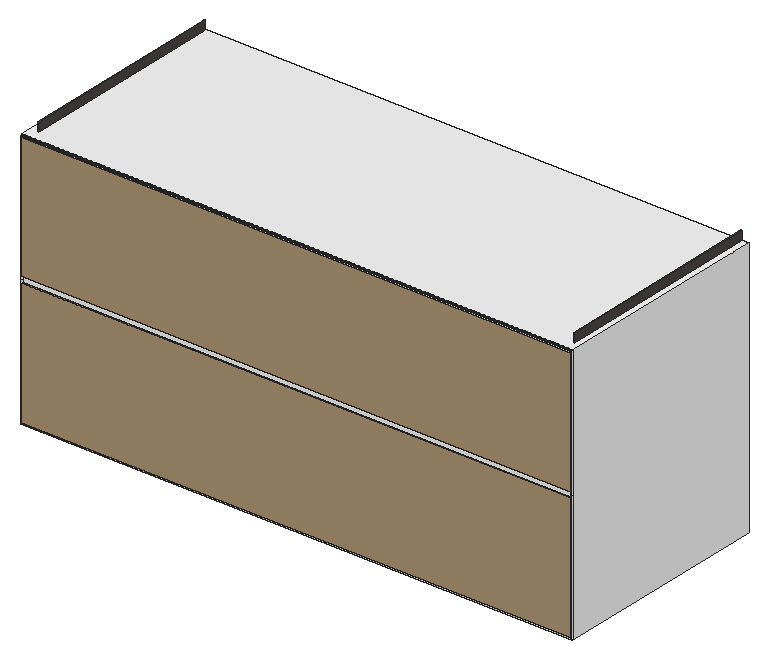
Revit family "vanity unit-hansgrohe-54184XXX-Xevolos E Vanity unit Matt White 1180_475 with 2 drawers for washbasin", category Furniture, Revit 2019
Family settings
  OmniClass Number = 23.40.00.00
  OmniClass Title = Equipment and Furnishings
  Work Plane-Based = No
  Always vertical = Yes
  Cut with Voids When Loaded = No
  Shared = Yes
  Room Calculation Point = No
Parameters (values of type "54184390-MATT_WHITE-PATTEREND_BRONZE-200")
  etim7_EC011381 = "EC011381"
  WEIGHT = "44.3"
  UNSPSC = "56 | Furniture and Furnishings"
  UNIFORMATII = "E2010 | Fixed Furnishings"
  UNICLASS_2015_CODE = "40_30_78_05"
  UNICLASS2015 = "Pr_40_30_78_05 | Bathroom furniture"
  SURFACE = "PATTEREND_BRONZE"
  REGION = "Worldwide"
  PRODUCTURL = "https://pro.hansgrohe.com/articledetail--54184320"
  PERMALINK = "54184XXX"
  OMNICLASS = "23-21 19 15 33 13 | Residential Bathroom Specialty Casework"
  OBJECTTYPE = "Object (single object)"
  OBERFLAECHE = "MATT_WHITE"
  NN = "Vanity unit with 2 drawers for handrinse basin"
  NBSYN = "$ARTNR.-$OBERFLAECHE.-$SURFACE.-$LODLEVEL."
  NB = "54184390-MATT_WHITE-PATTEREND_BRONZE-200"
  NAME = "Xevolos E Vanity unit Matt White 1180/475 with 2 drawers for washbasin"
  Model = "54184390-MATT_WHITE-PATTEREND_BRONZE-200"
  Manufacturer = "Hansgrohe"
  MIdent = "{$CADENAS_DATA/23d-libs/hansgrohe/xevolos_furniture/xevolos_vanity_unit_2_drawers_handrinse_basin/vanity_unit_2_drawers_for_handrinse_basin.prj},269 {VTYP=3D},{NB=54184390-MATT_WHITE-PATTEREND_BRONZE-200},{LINA=54184390-MATT_WHITE-PATTEREND_BRONZE-200},{NN=Vanity unit with 2 drawers for handrinse basin},{DATE=13.03.2023 12:26:32},{GEOMDATE=12.03.2023 06:54:00},{VERSION=},{LINEID=870},{WBVAR=LODLEVEL},{WBNUMERIC=}  {NB=54184390-MATT_WHITE-PATTEREND_BRONZE-200},{LINA=54184390-MATT_WHITE-PATTEREND_BRONZE-200},{KT=DUMMY},{IDNR=38},{ARTNR=54184390},{BASENUMBER=54184},{MODEL=54184XXX},{OBERFLAECHE=MATT_WHITE},{SURFACE=PATTEREND_BRONZE},{L=1180},{LODLEVEL=200},{LODLEVELX='400','400','200','200'},{NAME=Xevolos E Vanity unit Matt White 1180/475 with 2 drawers for washbasin},{PERMALINK=54184XXX},{OBJECTTYPE=Object (single object)},{BIMOBJECT=Sanitary: Compound units},{COLLECTIONSET=Xevolos E},{COLLECTION=vanity unit},{WEIGHT=44.3},{DESCRIPTION=Xevolos E Vanity unit Matt White 1180/475 with 2 drawers for washbasin},{PRODUCTURL=https://pro.hansgrohe.com/articledetail--54184320},{GTINCODE=0},{TENDERURL=0},{IFC=Furnishing element},{ETIM=EC011381 | Bathroom furniture set},{UNICLASS2015=Pr_40_30_78_05 | Bathroom furniture},{OMNICLASS=23-21 19 15 33 13 | Residential Bathroom Specialty Casework},{MASTERFORMAT=12 35 30.23 | Bathroom Casework},{UNSPSC=56 | Furniture and Furnishings},{UNIFORMATII=E2010 | Fixed Furnishings},{REGION=Worldwide},{DESIGN=Germany},{MANUFACTURER=Germany}"
  MASTERFORMAT = "12 35 30.23 | Bathroom Casework"
  LODLEVEL = "200"
  LINA = "54184390-MATT_WHITE-PATTEREND_BRONZE-200"
  L = 1180
  IFC = "Furnishing element"
  IDNR = 38
  ETIM = "EC011381 | Bathroom furniture set"
  DESIGN = "Germany"
  COLLECTIONSET = "Xevolos E"
  COLLECTION = "vanity unit"
  CATALOG = "Hansgrohe"
  BIMOBJECT = "Sanitary: Compound units"
  BASENUMBER = "54184"
  ARTNR = "54184390"
  54184730-MATT_WHITE-DARK_OAK-400_RX0RY0RZ0TX0TY0TZ0_V = no
  54184730-MATT_WHITE-DARK_OAK-200_RX0RY0RZ0TX0TY0TZ0_V = no
  54184390-MATT_WHITE-PATTEREND_BRONZE-400_RX0RY0RZ0TX0TY0TZ0_V = no
  54184390-MATT_WHITE-PATTEREND_BRONZE-200_RX0RY0RZ0TX0TY0TZ0_V = yes
  54184320-MATT_WHITE-METALLIC_WHITE-400_RX0RY0RZ0TX0TY0TZ0_V = no
  54184320-MATT_WHITE-METALLIC_WHITE-200_RX0RY0RZ0TX0TY0TZ0_V = no
Types (6, lengths in mm): name | SURFACE | NB | Model | MIdent | LODLEVEL | LINA | IDNR | ARTNR | 54184730-MATT_WHITE-DARK_OAK-400_RX0RY0RZ0TX0TY0TZ0_V | 54184730-MATT_WHITE-DARK_OAK-200_RX0RY0RZ0TX0TY0TZ0_V | 54184390-MATT_WHITE-PATTEREND_BRONZE-400_RX0RY0RZ0TX0TY0TZ0_V | 54184390-MATT_WHITE-PATTEREND_BRONZE-200_RX0RY0RZ0TX0TY0TZ0_V | 54184320-MATT_WHITE-METALLIC_WHITE-400_RX0RY0RZ0TX0TY0TZ0_V | 54184320-MATT_WHITE-METALLIC_WHITE-200_RX0RY0RZ0TX0TY0TZ0_V
  54184320-MATT_WHITE-METALLIC_WHITE-200 | "METALLIC_WHITE" | "54184320-MATT_WHITE-METALLIC_WHITE-200" | "54184320-MATT_WHITE-METALLIC_WHITE-200" | "{$CADENAS_DATA/23d-libs/hansgrohe/xevolos_furniture/xevolos_vanity_unit_2_drawers_handrinse_basin/vanity_unit_2_drawers_for_handrinse_basin.prj},265 {VTYP=3D},{NB=54184320-MATT_WHITE-METALLIC_WHITE-200},{LINA=54184320-MATT_WHITE-METALLIC_WHITE-200},{NN=Vanity unit with 2 drawers for handrinse basin},{DATE=13.03.2023 12:26:32},{GEOMDATE=12.03.2023 06:54:00},{VERSION=},{LINEID=860},{WBVAR=LODLEVEL},{WBNUMERIC=}  {NB=54184320-MATT_WHITE-METALLIC_WHITE-200},{LINA=54184320-MATT_WHITE-METALLIC_WHITE-200},{KT=DUMMY},{IDNR=37},{ARTNR=54184320},{BASENUMBER=54184},{MODEL=54184XXX},{OBERFLAECHE=MATT_WHITE},{SURFACE=METALLIC_WHITE},{L=1180},{LODLEVEL=200},{LODLEVELX='400','400','200','200'},{NAME=Xevolos E Vanity unit Matt White 1180/475 with 2 drawers for washbasin},{PERMALINK=54184XXX},{OBJECTTYPE=Object (single object)},{BIMOBJECT=Sanitary: Compound units},{COLLECTIONSET=Xevolos E},{COLLECTION=vanity unit},{WEIGHT=44.3},{DESCRIPTION=Xevolos E Vanity unit Matt White 1180/475 with 2 drawers for washbasin},{PRODUCTURL=https://pro.hansgrohe.com/articledetail--54184320},{GTINCODE=0},{TENDERURL=0},{IFC=Furnishing element},{ETIM=EC011381 | Bathroom furniture set},{UNICLASS2015=Pr_40_30_78_05 | Bathroom furniture},{OMNICLASS=23-21 19 15 33 13 | Residential Bathroom Specialty Casework},{MASTERFORMAT=12 35 30.23 | Bathroom Casework},{UNSPSC=56 | Furniture and Furnishings},{UNIFORMATII=E2010 | Fixed Furnishings},{REGION=Worldwide},{DESIGN=Germany},{MANUFACTURER=Germany}" | "200" | "54184320-MATT_WHITE-METALLIC_WHITE-200" | 37 | "54184320" | no | no | no | no | no | yes
  54184320-MATT_WHITE-METALLIC_WHITE-400 | "METALLIC_WHITE" | "54184320-MATT_WHITE-METALLIC_WHITE-400" | "54184320-MATT_WHITE-METALLIC_WHITE-400" | "{$CADENAS_DATA/23d-libs/hansgrohe/xevolos_furniture/xevolos_vanity_unit_2_drawers_handrinse_basin/vanity_unit_2_drawers_for_handrinse_basin.prj},265 {VTYP=3D},{NB=54184320-MATT_WHITE-METALLIC_WHITE-400},{LINA=54184320-MATT_WHITE-METALLIC_WHITE-400},{NN=Vanity unit with 2 drawers for handrinse basin},{DATE=13.03.2023 12:26:32},{GEOMDATE=12.03.2023 06:54:00},{VERSION=},{LINEID=860},{WBVAR=LODLEVEL},{WBNUMERIC=}  {NB=54184320-MATT_WHITE-METALLIC_WHITE-400},{LINA=54184320-MATT_WHITE-METALLIC_WHITE-400},{KT=DUMMY},{IDNR=37},{ARTNR=54184320},{BASENUMBER=54184},{MODEL=54184XXX},{OBERFLAECHE=MATT_WHITE},{SURFACE=METALLIC_WHITE},{L=1180},{LODLEVEL=400},{LODLEVELX='400','400','200','200'},{NAME=Xevolos E Vanity unit Matt White 1180/475 with 2 drawers for washbasin},{PERMALINK=54184XXX},{OBJECTTYPE=Object (single object)},{BIMOBJECT=Sanitary: Compound units},{COLLECTIONSET=Xevolos E},{COLLECTION=vanity unit},{WEIGHT=44.3},{DESCRIPTION=Xevolos E Vanity unit Matt White 1180/475 with 2 drawers for washbasin},{PRODUCTURL=https://pro.hansgrohe.com/articledetail--54184320},{GTINCODE=0},{TENDERURL=0},{IFC=Furnishing element},{ETIM=EC011381 | Bathroom furniture set},{UNICLASS2015=Pr_40_30_78_05 | Bathroom furniture},{OMNICLASS=23-21 19 15 33 13 | Residential Bathroom Specialty Casework},{MASTERFORMAT=12 35 30.23 | Bathroom Casework},{UNSPSC=56 | Furniture and Furnishings},{UNIFORMATII=E2010 | Fixed Furnishings},{REGION=Worldwide},{DESIGN=Germany},{MANUFACTURER=Germany}" | "400" | "54184320-MATT_WHITE-METALLIC_WHITE-400" | 37 | "54184320" | no | no | no | no | yes | no
  54184390-MATT_WHITE-PATTEREND_BRONZE-200 | "PATTEREND_BRONZE" | "54184390-MATT_WHITE-PATTEREND_BRONZE-200" | "54184390-MATT_WHITE-PATTEREND_BRONZE-200" | "{$CADENAS_DATA/23d-libs/hansgrohe/xevolos_furniture/xevolos_vanity_unit_2_drawers_handrinse_basin/vanity_unit_2_drawers_for_handrinse_basin.prj},269 {VTYP=3D},{NB=54184390-MATT_WHITE-PATTEREND_BRONZE-200},{LINA=54184390-MATT_WHITE-PATTEREND_BRONZE-200},{NN=Vanity unit with 2 drawers for handrinse basin},{DATE=13.03.2023 12:26:32},{GEOMDATE=12.03.2023 06:54:00},{VERSION=},{LINEID=870},{WBVAR=LODLEVEL},{WBNUMERIC=}  {NB=54184390-MATT_WHITE-PATTEREND_BRONZE-200},{LINA=54184390-MATT_WHITE-PATTEREND_BRONZE-200},{KT=DUMMY},{IDNR=38},{ARTNR=54184390},{BASENUMBER=54184},{MODEL=54184XXX},{OBERFLAECHE=MATT_WHITE},{SURFACE=PATTEREND_BRONZE},{L=1180},{LODLEVEL=200},{LODLEVELX='400','400','200','200'},{NAME=Xevolos E Vanity unit Matt White 1180/475 with 2 drawers for washbasin},{PERMALINK=54184XXX},{OBJECTTYPE=Object (single object)},{BIMOBJECT=Sanitary: Compound units},{COLLECTIONSET=Xevolos E},{COLLECTION=vanity unit},{WEIGHT=44.3},{DESCRIPTION=Xevolos E Vanity unit Matt White 1180/475 with 2 drawers for washbasin},{PRODUCTURL=https://pro.hansgrohe.com/articledetail--54184320},{GTINCODE=0},{TENDERURL=0},{IFC=Furnishing element},{ETIM=EC011381 | Bathroom furniture set},{UNICLASS2015=Pr_40_30_78_05 | Bathroom furniture},{OMNICLASS=23-21 19 15 33 13 | Residential Bathroom Specialty Casework},{MASTERFORMAT=12 35 30.23 | Bathroom Casework},{UNSPSC=56 | Furniture and Furnishings},{UNIFORMATII=E2010 | Fixed Furnishings},{REGION=Worldwide},{DESIGN=Germany},{MANUFACTURER=Germany}" | "200" | "54184390-MATT_WHITE-PATTEREND_BRONZE-200" | 38 | "54184390" | no | no | no | yes | no | no
  54184390-MATT_WHITE-PATTEREND_BRONZE-400 | "PATTEREND_BRONZE" | "54184390-MATT_WHITE-PATTEREND_BRONZE-400" | "54184390-MATT_WHITE-PATTEREND_BRONZE-400" | "{$CADENAS_DATA/23d-libs/hansgrohe/xevolos_furniture/xevolos_vanity_unit_2_drawers_handrinse_basin/vanity_unit_2_drawers_for_handrinse_basin.prj},269 {VTYP=3D},{NB=54184390-MATT_WHITE-PATTEREND_BRONZE-400},{LINA=54184390-MATT_WHITE-PATTEREND_BRONZE-400},{NN=Vanity unit with 2 drawers for handrinse basin},{DATE=13.03.2023 12:26:32},{GEOMDATE=12.03.2023 06:54:00},{VERSION=},{LINEID=870},{WBVAR=LODLEVEL},{WBNUMERIC=}  {NB=54184390-MATT_WHITE-PATTEREND_BRONZE-400},{LINA=54184390-MATT_WHITE-PATTEREND_BRONZE-400},{KT=DUMMY},{IDNR=38},{ARTNR=54184390},{BASENUMBER=54184},{MODEL=54184XXX},{OBERFLAECHE=MATT_WHITE},{SURFACE=PATTEREND_BRONZE},{L=1180},{LODLEVEL=400},{LODLEVELX='400','400','200','200'},{NAME=Xevolos E Vanity unit Matt White 1180/475 with 2 drawers for washbasin},{PERMALINK=54184XXX},{OBJECTTYPE=Object (single object)},{BIMOBJECT=Sanitary: Compound units},{COLLECTIONSET=Xevolos E},{COLLECTION=vanity unit},{WEIGHT=44.3},{DESCRIPTION=Xevolos E Vanity unit Matt White 1180/475 with 2 drawers for washbasin},{PRODUCTURL=https://pro.hansgrohe.com/articledetail--54184320},{GTINCODE=0},{TENDERURL=0},{IFC=Furnishing element},{ETIM=EC011381 | Bathroom furniture set},{UNICLASS2015=Pr_40_30_78_05 | Bathroom furniture},{OMNICLASS=23-21 19 15 33 13 | Residential Bathroom Specialty Casework},{MASTERFORMAT=12 35 30.23 | Bathroom Casework},{UNSPSC=56 | Furniture and Furnishings},{UNIFORMATII=E2010 | Fixed Furnishings},{REGION=Worldwide},{DESIGN=Germany},{MANUFACTURER=Germany}" | "400" | "54184390-MATT_WHITE-PATTEREND_BRONZE-400" | 38 | "54184390" | no | no | yes | no | no | no
  54184730-MATT_WHITE-DARK_OAK-200 | "DARK_OAK" | "54184730-MATT_WHITE-DARK_OAK-200" | "54184730-MATT_WHITE-DARK_OAK-200" | "{$CADENAS_DATA/23d-libs/hansgrohe/xevolos_furniture/xevolos_vanity_unit_2_drawers_handrinse_basin/vanity_unit_2_drawers_for_handrinse_basin.prj},253 {VTYP=3D},{NB=54184730-MATT_WHITE-DARK_OAK-200},{LINA=54184730-MATT_WHITE-DARK_OAK-200},{NN=Vanity unit with 2 drawers for handrinse basin},{DATE=13.03.2023 12:26:32},{GEOMDATE=12.03.2023 06:54:00},{VERSION=},{LINEID=880},{WBVAR=LODLEVEL},{WBNUMERIC=}  {NB=54184730-MATT_WHITE-DARK_OAK-200},{LINA=54184730-MATT_WHITE-DARK_OAK-200},{KT=DUMMY},{IDNR=39},{ARTNR=54184730},{BASENUMBER=54184},{MODEL=54184XXX},{OBERFLAECHE=MATT_WHITE},{SURFACE=DARK_OAK},{L=1180},{LODLEVEL=200},{LODLEVELX='400','400','200','200'},{NAME=Xevolos E Vanity unit Matt White 1180/475 with 2 drawers for washbasin},{PERMALINK=54184XXX},{OBJECTTYPE=Object (single object)},{BIMOBJECT=Sanitary: Compound units},{COLLECTIONSET=Xevolos E},{COLLECTION=vanity unit},{WEIGHT=44.3},{DESCRIPTION=Xevolos E Vanity unit Matt White 1180/475 with 2 drawers for washbasin},{PRODUCTURL=https://pro.hansgrohe.com/articledetail--54184320},{GTINCODE=0},{TENDERURL=0},{IFC=Furnishing element},{ETIM=EC011381 | Bathroom furniture set},{UNICLASS2015=Pr_40_30_78_05 | Bathroom furniture},{OMNICLASS=23-21 19 15 33 13 | Residential Bathroom Specialty Casework},{MASTERFORMAT=12 35 30.23 | Bathroom Casework},{UNSPSC=56 | Furniture and Furnishings},{UNIFORMATII=E2010 | Fixed Furnishings},{REGION=Worldwide},{DESIGN=Germany},{MANUFACTURER=Germany}" | "200" | "54184730-MATT_WHITE-DARK_OAK-200" | 39 | "54184730" | no | yes | no | no | no | no
  54184730-MATT_WHITE-DARK_OAK-400 | "DARK_OAK" | "54184730-MATT_WHITE-DARK_OAK-400" | "54184730-MATT_WHITE-DARK_OAK-400" | "{$CADENAS_DATA/23d-libs/hansgrohe/xevolos_furniture/xevolos_vanity_unit_2_drawers_handrinse_basin/vanity_unit_2_drawers_for_handrinse_basin.prj},253 {VTYP=3D},{NB=54184730-MATT_WHITE-DARK_OAK-400},{LINA=54184730-MATT_WHITE-DARK_OAK-400},{NN=Vanity unit with 2 drawers for handrinse basin},{DATE=13.03.2023 12:26:32},{GEOMDATE=12.03.2023 06:54:00},{VERSION=},{LINEID=880},{WBVAR=LODLEVEL},{WBNUMERIC=}  {NB=54184730-MATT_WHITE-DARK_OAK-400},{LINA=54184730-MATT_WHITE-DARK_OAK-400},{KT=DUMMY},{IDNR=39},{ARTNR=54184730},{BASENUMBER=54184},{MODEL=54184XXX},{OBERFLAECHE=MATT_WHITE},{SURFACE=DARK_OAK},{L=1180},{LODLEVEL=400},{LODLEVELX='400','400','200','200'},{NAME=Xevolos E Vanity unit Matt White 1180/475 with 2 drawers for washbasin},{PERMALINK=54184XXX},{OBJECTTYPE=Object (single object)},{BIMOBJECT=Sanitary: Compound units},{COLLECTIONSET=Xevolos E},{COLLECTION=vanity unit},{WEIGHT=44.3},{DESCRIPTION=Xevolos E Vanity unit Matt White 1180/475 with 2 drawers for washbasin},{PRODUCTURL=https://pro.hansgrohe.com/articledetail--54184320},{GTINCODE=0},{TENDERURL=0},{IFC=Furnishing element},{ETIM=EC011381 | Bathroom furniture set},{UNICLASS2015=Pr_40_30_78_05 | Bathroom furniture},{OMNICLASS=23-21 19 15 33 13 | Residential Bathroom Specialty Casework},{MASTERFORMAT=12 35 30.23 | Bathroom Casework},{UNSPSC=56 | Furniture and Furnishings},{UNIFORMATII=E2010 | Fixed Furnishings},{REGION=Worldwide},{DESIGN=Germany},{MANUFACTURER=Germany}" | "400" | "54184730-MATT_WHITE-DARK_OAK-400" | 39 | "54184730" | yes | no | no | no | no | no
Reference planes
  plane 1 "Center (Front/Back)": y = 0
  plane 2: z = 0
  plane 3 "Center (Left/Right)": x = 0
Dimensions and locks
  aligned and locked: level to plane 2
Nested families
  nested 1: "54184320-matt_white-metallic_white-200_content" at (0, 0, 0), visible <- "54184320-MATT_WHITE-METALLIC_WHITE-200_RX0RY0RZ0TX0TY0TZ0_V", ContentVisible <- "54184320-MATT_WHITE-METALLIC_WHITE-200_RX0RY0RZ0TX0TY0TZ0_V", type "54184320-MATT_WHITE-METALLIC_WHITE-200_Content"
    with ContentVisible no
  nested 2: "54184320-matt_white-metallic_white-400_content" at (0, 0, 0), visible <- "54184320-MATT_WHITE-METALLIC_WHITE-400_RX0RY0RZ0TX0TY0TZ0_V", ContentVisible <- "54184320-MATT_WHITE-METALLIC_WHITE-400_RX0RY0RZ0TX0TY0TZ0_V", type "54184320-MATT_WHITE-METALLIC_WHITE-400_Content"
    with ContentVisible no
  nested 3: "54184390-matt_white-patterend_bronze-200_content" at (0, 0, 0), visible <- "54184390-MATT_WHITE-PATTEREND_BRONZE-200_RX0RY0RZ0TX0TY0TZ0_V", ContentVisible <- "54184390-MATT_WHITE-PATTEREND_BRONZE-200_RX0RY0RZ0TX0TY0TZ0_V", type "54184390-MATT_WHITE-PATTEREND_BRONZE-200_Content"
    with ContentVisible yes
  nested 4: "54184390-matt_white-patterend_bronze-400_content" at (0, 0, 0), visible <- "54184390-MATT_WHITE-PATTEREND_BRONZE-400_RX0RY0RZ0TX0TY0TZ0_V", ContentVisible <- "54184390-MATT_WHITE-PATTEREND_BRONZE-400_RX0RY0RZ0TX0TY0TZ0_V", type "54184390-MATT_WHITE-PATTEREND_BRONZE-400_Content"
    with ContentVisible no
  nested 5: "54184730-matt_white-dark_oak-200_content" at (0, 0, 0), visible <- "54184730-MATT_WHITE-DARK_OAK-200_RX0RY0RZ0TX0TY0TZ0_V", ContentVisible <- "54184730-MATT_WHITE-DARK_OAK-200_RX0RY0RZ0TX0TY0TZ0_V", type "54184730-MATT_WHITE-DARK_OAK-200_Content"
    with ContentVisible no
  nested 6: "54184730-matt_white-dark_oak-400_content" at (0, 0, 0), visible <- "54184730-MATT_WHITE-DARK_OAK-400_RX0RY0RZ0TX0TY0TZ0_V", ContentVisible <- "54184730-MATT_WHITE-DARK_OAK-400_RX0RY0RZ0TX0TY0TZ0_V", type "54184730-MATT_WHITE-DARK_OAK-400_Content"
    with ContentVisible no
Definition of nested family "54184390-matt_white-patterend_bronze-200_content"
  Parameters (values of type "54184390-MATT_WHITE-PATTEREND_BRONZE-200_Content")
    etim7_EC011381 = "EC011381"
    WEIGHT = "44.3"
    UNSPSC = "56 | Furniture and Furnishings"
    UNIFORMATII = "E2010 | Fixed Furnishings"
    UNICLASS_2015_CODE = "40_30_78_05"
    UNICLASS2015 = "Pr_40_30_78_05 | Bathroom furniture"
    SURFACE = "PATTEREND_BRONZE"
    REGION = "Worldwide"
    PRODUCTURL = "https://pro.hansgrohe.com/articledetail--54184320"
    PERMALINK = "54184XXX"
    OMNICLASS = "23-21 19 15 33 13 | Residential Bathroom Specialty Casework"
    OBJECTTYPE = "Object (single object)"
    OBERFLAECHE = "MATT_WHITE"
    NN = "Vanity unit with 2 drawers for handrinse basin"
    NBSYN = "$ARTNR.-$OBERFLAECHE.-$SURFACE.-$LODLEVEL."
    NB = "54184390-MATT_WHITE-PATTEREND_BRONZE-200"
    NAME = "Xevolos E Vanity unit Matt White 1180/475 with 2 drawers for washbasin"
    Model = "54184390-MATT_WHITE-PATTEREND_BRONZE-200"
    Manufacturer = "Hansgrohe"
    MASTERFORMAT = "12 35 30.23 | Bathroom Casework"
    LODLEVEL = "200"
    LINA = "54184390-MATT_WHITE-PATTEREND_BRONZE-200"
    L = 1180
    IFC = "Furnishing element"
    IDNR = 38
    ETIM = "EC011381 | Bathroom furniture set"
    Default Elevation = 1219.2 mm
    DESIGN = "Germany"
    ContentVisible [instance] = yes
    COLLECTIONSET = "Xevolos E"
    COLLECTION = "vanity unit"
    CATALOG = "Hansgrohe"
    BIMOBJECT = "Sanitary: Compound units"
    BASENUMBER = "54184"
    ARTNR = "54184390"
  Reference planes
    plane 1 "Center (Front/Back)": y = 0
    plane 2: z = 0
    plane 3 "Center (Left/Right)": x = 0
  Forms (mm)
    Extrusion 1, solid, visible <- "ContentVisible", detail levels medium+fine
      sketch origin (0, 0, 0) x (1, 0, 0) y (0, 1, 0)
        loop
          line (-590, 0) -> (-590, -468.3) -> (590, -468.3) -> (590, 0) -> (-590, 0)
      from 0 to 556
    Extrusion 2, solid, visible <- "ContentVisible", detail levels medium+fine
      sketch origin (0, -468.3, 0) x (1, 0, 0) y (0, 0, -1)
        loop
          line (-590, -278) -> (-588, -278) -> (-588, -4) -> (588, -4) -> (588, -278) -> (590, -278) -> (590, -2) -> (-590, -2) -> (-590, -278)
      from -4 to 0
    Extrusion 3, solid, visible <- "ContentVisible", detail levels medium+fine
      sketch origin (0, -468.3, 0) x (1, 0, 0) y (0, 0, -1)
        loop
          line (-590, -278) -> (-590, -554) -> (590, -554) -> (590, -278) -> (588, -278) -> (588, -552) -> (-588, -552) -> (-588, -278) -> (-590, -278)
      from -4 to 0
    Extrusion 4, solid, visible <- "ContentVisible", detail levels medium+fine
      sketch origin (0, -468.3, 0) x (1, 0, 0) y (0, 0, -1)
        loop
          line (-588, -272.5) -> (588, -272.5) -> (588, -4.5) -> (-588, -4.5) -> (-588, -272.5)
      from -4 to 0
    Extrusion 5, solid, visible <- "ContentVisible", detail levels medium+fine
      sketch origin (0, -468.3, 0) x (1, 0, 0) y (0, 0, -1)
        loop
          line (-588, -553.5) -> (588, -553.5) -> (588, -285.5) -> (-588, -285.5) -> (-588, -553.5)
      from -4 to 0
    Extrusion 6, solid, visible <- "ContentVisible", detail levels medium+fine
      sketch origin (-574, 0, 0) x (0, 0, -1) y (0, 1, 0)
        loop
          line (-574, 0) -> (-574, -446) -> (-534, -446) -> (-534, 0) -> (-574, 0)
      from 0 to 2
    Extrusion 7, solid, visible <- "ContentVisible", detail levels medium+fine
      sketch origin (574, 0, 0) x (0, 0, -1) y (0, 1, 0)
        loop
          line (-574, 0) -> (-574, -446) -> (-534, -446) -> (-534, 0) -> (-574, 0)
      from 0 to 2
    Extrusion 8, solid, visible <- "ContentVisible", detail levels coarse
      sketch origin (0, -236.15, 0) x (1, 0, 0) y (0, 1, 0)
        loop
          line (-590, -236.15) -> (590, -236.15) -> (590, 236.15) -> (-590, 236.15) -> (-590, -236.15)
      from 0 to 574
  Dimensions and locks
    aligned and locked: level to plane 2
Definition of nested family "54184320-matt_white-metallic_white-200_content"
  Parameters (values of type "54184320-MATT_WHITE-METALLIC_WHITE-200_Content")
    etim7_EC011381 = "EC011381"
    WEIGHT = "44.3"
    UNSPSC = "56 | Furniture and Furnishings"
    UNIFORMATII = "E2010 | Fixed Furnishings"
    UNICLASS_2015_CODE = "40_30_78_05"
    UNICLASS2015 = "Pr_40_30_78_05 | Bathroom furniture"
    SURFACE = "METALLIC_WHITE"
    REGION = "Worldwide"
    PRODUCTURL = "https://pro.hansgrohe.com/articledetail--54184320"
    PERMALINK = "54184XXX"
    OMNICLASS = "23-21 19 15 33 13 | Residential Bathroom Specialty Casework"
    OBJECTTYPE = "Object (single object)"
    OBERFLAECHE = "MATT_WHITE"
    NN = "Vanity unit with 2 drawers for handrinse basin"
    NBSYN = "$ARTNR.-$OBERFLAECHE.-$SURFACE.-$LODLEVEL."
    NB = "54184320-MATT_WHITE-METALLIC_WHITE-200"
    NAME = "Xevolos E Vanity unit Matt White 1180/475 with 2 drawers for washbasin"
    Model = "54184320-MATT_WHITE-METALLIC_WHITE-200"
    Manufacturer = "Hansgrohe"
    MASTERFORMAT = "12 35 30.23 | Bathroom Casework"
    LODLEVEL = "200"
    LINA = "54184320-MATT_WHITE-METALLIC_WHITE-200"
    L = 1180
    IFC = "Furnishing element"
    IDNR = 37
    ETIM = "EC011381 | Bathroom furniture set"
    Default Elevation = 1219.2 mm
    DESIGN = "Germany"
    ContentVisible [instance] = yes
    COLLECTIONSET = "Xevolos E"
    COLLECTION = "vanity unit"
    CATALOG = "Hansgrohe"
    BIMOBJECT = "Sanitary: Compound units"
    BASENUMBER = "54184"
    ARTNR = "54184320"
  Reference planes
    plane 1 "Center (Front/Back)": y = 0
    plane 2: z = 0
    plane 3 "Center (Left/Right)": x = 0
  Forms (mm)
    Extrusion 1, solid, visible <- "ContentVisible", detail levels medium+fine
      sketch origin (0, 0, 0) x (1, 0, 0) y (0, 1, 0)
        loop
          line (-590, 0) -> (-590, -468.3) -> (590, -468.3) -> (590, 0) -> (-590, 0)
      from 0 to 556
    Extrusion 2, solid, visible <- "ContentVisible", detail levels medium+fine
      sketch origin (0, -468.3, 0) x (1, 0, 0) y (0, 0, -1)
        loop
          line (-590, -278) -> (-588, -278) -> (-588, -4) -> (588, -4) -> (588, -278) -> (590, -278) -> (590, -2) -> (-590, -2) -> (-590, -278)
      from -4 to 0
    Extrusion 3, solid, visible <- "ContentVisible", detail levels medium+fine
      sketch origin (0, -468.3, 0) x (1, 0, 0) y (0, 0, -1)
        loop
          line (-590, -278) -> (-590, -554) -> (590, -554) -> (590, -278) -> (588, -278) -> (588, -552) -> (-588, -552) -> (-588, -278) -> (-590, -278)
      from -4 to 0
    Extrusion 4, solid, visible <- "ContentVisible", detail levels medium+fine
      sketch origin (0, -468.3, 0) x (1, 0, 0) y (0, 0, -1)
        loop
          line (-588, -272.5) -> (588, -272.5) -> (588, -4.5) -> (-588, -4.5) -> (-588, -272.5)
      from -4 to 0
    Extrusion 5, solid, visible <- "ContentVisible", detail levels medium+fine
      sketch origin (0, -468.3, 0) x (1, 0, 0) y (0, 0, -1)
        loop
          line (-588, -553.5) -> (588, -553.5) -> (588, -285.5) -> (-588, -285.5) -> (-588, -553.5)
      from -4 to 0
    Extrusion 6, solid, visible <- "ContentVisible", detail levels medium+fine
      sketch origin (-574, 0, 0) x (0, 0, -1) y (0, 1, 0)
        loop
          line (-574, 0) -> (-574, -446) -> (-534, -446) -> (-534, 0) -> (-574, 0)
      from 0 to 2
    Extrusion 7, solid, visible <- "ContentVisible", detail levels medium+fine
      sketch origin (574, 0, 0) x (0, 0, -1) y (0, 1, 0)
        loop
          line (-574, 0) -> (-574, -446) -> (-534, -446) -> (-534, 0) -> (-574, 0)
      from 0 to 2
    Extrusion 8, solid, visible <- "ContentVisible", detail levels coarse
      sketch origin (0, -236.15, 0) x (1, 0, 0) y (0, 1, 0)
        loop
          line (-590, -236.15) -> (590, -236.15) -> (590, 236.15) -> (-590, 236.15) -> (-590, -236.15)
      from 0 to 574
  Dimensions and locks
    aligned and locked: level to plane 2
Definition of nested family "54184320-matt_white-metallic_white-400_content"
  Parameters (values of type "54184320-MATT_WHITE-METALLIC_WHITE-400_Content")
    etim7_EC011381 = "EC011381"
    WEIGHT = "44.3"
    UNSPSC = "56 | Furniture and Furnishings"
    UNIFORMATII = "E2010 | Fixed Furnishings"
    UNICLASS_2015_CODE = "40_30_78_05"
    UNICLASS2015 = "Pr_40_30_78_05 | Bathroom furniture"
    SURFACE = "METALLIC_WHITE"
    REGION = "Worldwide"
    PRODUCTURL = "https://pro.hansgrohe.com/articledetail--54184320"
    PERMALINK = "54184XXX"
    OMNICLASS = "23-21 19 15 33 13 | Residential Bathroom Specialty Casework"
    OBJECTTYPE = "Object (single object)"
    OBERFLAECHE = "MATT_WHITE"
    NN = "Vanity unit with 2 drawers for handrinse basin"
    NBSYN = "$ARTNR.-$OBERFLAECHE.-$SURFACE.-$LODLEVEL."
    NB = "54184320-MATT_WHITE-METALLIC_WHITE-400"
    NAME = "Xevolos E Vanity unit Matt White 1180/475 with 2 drawers for washbasin"
    Model = "54184320-MATT_WHITE-METALLIC_WHITE-400"
    Manufacturer = "Hansgrohe"
    MASTERFORMAT = "12 35 30.23 | Bathroom Casework"
    LODLEVEL = "400"
    LINA = "54184320-MATT_WHITE-METALLIC_WHITE-400"
    L = 1180
    IFC = "Furnishing element"
    IDNR = 37
    ETIM = "EC011381 | Bathroom furniture set"
    Default Elevation = 1219.2 mm
    DESIGN = "Germany"
    ContentVisible [instance] = yes
    COLLECTIONSET = "Xevolos E"
    COLLECTION = "vanity unit"
    CATALOG = "Hansgrohe"
    BIMOBJECT = "Sanitary: Compound units"
    BASENUMBER = "54184"
    ARTNR = "54184320"
  Reference planes
    plane 1 "Center (Front/Back)": y = 0
    plane 2: z = 0
    plane 3 "Center (Left/Right)": x = 0
  Forms (mm)
    Extrusion 1, solid, visible <- "ContentVisible", detail levels medium+fine
      sketch origin (0, 0, 0) x (1, 0, 0) y (0, 1, 0)
        loop
          line (-590, 0) -> (-590, -472.3) -> (-588, -472.3) -> (-588, -468.3) -> (-574, -468.3) -> (-574, 0) -> (-590, 0)
      from 0 to 556
    Extrusion 2, solid, visible <- "ContentVisible", detail levels medium+fine
      sketch origin (0, 0, 0) x (1, 0, 0) y (0, 1, 0)
        loop
          line (-574, -79) -> (-574, -445.5) -> (574, -445.5) -> (574, -79) -> (-574, -79)
      from 0 to 16
    Extrusion 3, solid, visible <- "ContentVisible", detail levels medium+fine
      sketch origin (0, 0, 0) x (1, 0, 0) y (0, 1, 0)
        loop
          line (574, 0) -> (574, -468.3) -> (588, -468.3) -> (588, -472.3) -> (590, -472.3) -> (590, 0) -> (574, 0)
      from 0 to 556
    Extrusion 4, solid, visible <- "ContentVisible", detail levels medium+fine
      sketch origin (0, 0, 0.5) x (1, 0, 0) y (0, 1, 0)
        loop
          line (-574, -63) -> (-574, -79) -> (574, -79) -> (574, -63) -> (-574, -63)
      from 0 to 126
    Extrusion 5, solid, visible <- "ContentVisible", detail levels medium+fine
      sketch origin (0, 0, 2) x (1, 0, 0) y (0, 1, 0)
        loop
          line (-588, -451) -> (-588, -472.3) -> (588, -472.3) -> (588, -451) -> (-588, -451)
      from 0 to 2
    Extrusion 6, solid, visible <- "ContentVisible", detail levels medium+fine
      sketch origin (0, 0, 554) x (1, 0, 0) y (0, 1, 0)
        loop
          line (-588, -451) -> (-588, -472.3) -> (588, -472.3) -> (588, -451) -> (-588, -451)
      from -2 to 0
    Extrusion 7, solid, visible <- "ContentVisible", detail levels medium+fine
      sketch origin (0, -468.3, 0) x (1, 0, 0) y (0, 0, -1)
        loop
          line (-588, -272.5) -> (588, -272.5) -> (588, -4.5) -> (-588, -4.5) -> (-588, -272.5)
      from -4 to 0
    Extrusion 8, solid, visible <- "ContentVisible", detail levels medium+fine
      sketch origin (0, -468.3, 0) x (1, 0, 0) y (0, 0, -1)
        loop
          line (-588, -553.5) -> (588, -553.5) -> (588, -285.5) -> (-588, -285.5) -> (-588, -553.5)
      from -4 to 0
    Extrusion 9, solid, visible <- "ContentVisible", detail levels medium+fine
      sketch origin (0, 0, 272.5) x (1, 0, 0) y (0, 1, 0)
        loop
          line (-588, -451) -> (-588, -472.3) -> (588, -472.3) -> (588, -451) -> (-588, -451)
      from 0 to 2
    Extrusion 10, solid, visible <- "ContentVisible", detail levels medium+fine
      sketch origin (0, 0, 285.5) x (1, 0, 0) y (0, 1, 0)
        loop
          line (-588, -451) -> (-588, -472.3) -> (588, -472.3) -> (588, -451) -> (-588, -451)
      from -2 to 0
    Extrusion 11, solid, visible <- "ContentVisible", detail levels medium+fine
      sketch origin (0, -468.3, 0) x (1, 0, 0) y (0, 0, -1)
        loop
          line (-588, -274.5) -> (588, -274.5) -> (588, -4.5) -> (-588, -4.5) -> (-588, -274.5)
        loop
          line (-514, -78) -> (-514, -272.5) -> (514, -272.5) -> (514, -78) -> (-514, -78)
      from 0 to 17
    Extrusion 12, solid, visible <- "ContentVisible", detail levels medium+fine
      sketch origin (0, -468.3, 0) x (1, 0, 0) y (0, 0, -1)
        loop
          line (-588, -553.5) -> (-512, -553.5) -> (-512, -361.5) -> (512, -361.5) -> (512, -553.5) -> (588, -553.5) -> (588, -285.5) -> (-588, -285.5) -> (-588, -553.5)
      from 0 to 17
    Extrusion 13, solid, visible <- "ContentVisible", detail levels medium+fine
      sketch origin (-574, 0, 0) x (0, 0, -1) y (0, 1, 0)
        loop
          line (-574, 0) -> (-574, -446) -> (-534, -446) -> (-534, 0) -> (-574, 0)
      from 0 to 2
    Extrusion 14, solid, visible <- "ContentVisible", detail levels medium+fine
      sketch origin (574, 0, 0) x (0, 0, -1) y (0, 1, 0)
        loop
          line (-574, 0) -> (-574, -446) -> (-534, -446) -> (-534, 0) -> (-574, 0)
      from 0 to 2
    Extrusion 15, solid, visible <- "ContentVisible", detail levels medium+fine
      sketch origin (0, 0, 0) x (0, 0, -1) y (0, 1, 0)
        loop
          line (-285, -319.5) -> (-285, -444) -> (-269, -444) -> (-269, -319.5) -> (-285, -319.5)
      from -574 to 574
    Extrusion 16, solid, visible <- "ContentVisible", detail levels coarse
      sketch origin (0, -236.15, 0) x (1, 0, 0) y (0, 1, 0)
        loop
          line (-590, -236.15) -> (590, -236.15) -> (590, 236.15) -> (-590, 236.15) -> (-590, -236.15)
      from 0 to 574
  Dimensions and locks
    aligned and locked: level to plane 2
Definition of nested family "54184390-matt_white-patterend_bronze-400_content"
  Parameters (values of type "54184390-MATT_WHITE-PATTEREND_BRONZE-400_Content")
    etim7_EC011381 = "EC011381"
    WEIGHT = "44.3"
    UNSPSC = "56 | Furniture and Furnishings"
    UNIFORMATII = "E2010 | Fixed Furnishings"
    UNICLASS_2015_CODE = "40_30_78_05"
    UNICLASS2015 = "Pr_40_30_78_05 | Bathroom furniture"
    SURFACE = "PATTEREND_BRONZE"
    REGION = "Worldwide"
    PRODUCTURL = "https://pro.hansgrohe.com/articledetail--54184320"
    PERMALINK = "54184XXX"
    OMNICLASS = "23-21 19 15 33 13 | Residential Bathroom Specialty Casework"
    OBJECTTYPE = "Object (single object)"
    OBERFLAECHE = "MATT_WHITE"
    NN = "Vanity unit with 2 drawers for handrinse basin"
    NBSYN = "$ARTNR.-$OBERFLAECHE.-$SURFACE.-$LODLEVEL."
    NB = "54184390-MATT_WHITE-PATTEREND_BRONZE-400"
    NAME = "Xevolos E Vanity unit Matt White 1180/475 with 2 drawers for washbasin"
    Model = "54184390-MATT_WHITE-PATTEREND_BRONZE-400"
    Manufacturer = "Hansgrohe"
    MASTERFORMAT = "12 35 30.23 | Bathroom Casework"
    LODLEVEL = "400"
    LINA = "54184390-MATT_WHITE-PATTEREND_BRONZE-400"
    L = 1180
    IFC = "Furnishing element"
    IDNR = 38
    ETIM = "EC011381 | Bathroom furniture set"
    Default Elevation = 1219.2 mm
    DESIGN = "Germany"
    ContentVisible [instance] = yes
    COLLECTIONSET = "Xevolos E"
    COLLECTION = "vanity unit"
    CATALOG = "Hansgrohe"
    BIMOBJECT = "Sanitary: Compound units"
    BASENUMBER = "54184"
    ARTNR = "54184390"
  Reference planes
    plane 1 "Center (Front/Back)": y = 0
    plane 2: z = 0
    plane 3 "Center (Left/Right)": x = 0
  Forms (mm)
    Extrusion 1, solid, visible <- "ContentVisible", detail levels medium+fine
      sketch origin (0, 0, 0) x (1, 0, 0) y (0, 1, 0)
        loop
          line (-590, 0) -> (-590, -472.3) -> (-588, -472.3) -> (-588, -468.3) -> (-574, -468.3) -> (-574, 0) -> (-590, 0)
      from 0 to 556
    Extrusion 2, solid, visible <- "ContentVisible", detail levels medium+fine
      sketch origin (0, 0, 0) x (1, 0, 0) y (0, 1, 0)
        loop
          line (-574, -79) -> (-574, -445.5) -> (574, -445.5) -> (574, -79) -> (-574, -79)
      from 0 to 16
    Extrusion 3, solid, visible <- "ContentVisible", detail levels medium+fine
      sketch origin (0, 0, 0) x (1, 0, 0) y (0, 1, 0)
        loop
          line (574, 0) -> (574, -468.3) -> (588, -468.3) -> (588, -472.3) -> (590, -472.3) -> (590, 0) -> (574, 0)
      from 0 to 556
    Extrusion 4, solid, visible <- "ContentVisible", detail levels medium+fine
      sketch origin (0, 0, 0.5) x (1, 0, 0) y (0, 1, 0)
        loop
          line (-574, -63) -> (-574, -79) -> (574, -79) -> (574, -63) -> (-574, -63)
      from 0 to 126
    Extrusion 5, solid, visible <- "ContentVisible", detail levels medium+fine
      sketch origin (0, 0, 2) x (1, 0, 0) y (0, 1, 0)
        loop
          line (-588, -451) -> (-588, -472.3) -> (588, -472.3) -> (588, -451) -> (-588, -451)
      from 0 to 2
    Extrusion 6, solid, visible <- "ContentVisible", detail levels medium+fine
      sketch origin (0, 0, 554) x (1, 0, 0) y (0, 1, 0)
        loop
          line (-588, -451) -> (-588, -472.3) -> (588, -472.3) -> (588, -451) -> (-588, -451)
      from -2 to 0
    Extrusion 7, solid, visible <- "ContentVisible", detail levels medium+fine
      sketch origin (0, -468.3, 0) x (1, 0, 0) y (0, 0, -1)
        loop
          line (-588, -272.5) -> (588, -272.5) -> (588, -4.5) -> (-588, -4.5) -> (-588, -272.5)
      from -4 to 0
    Extrusion 8, solid, visible <- "ContentVisible", detail levels medium+fine
      sketch origin (0, -468.3, 0) x (1, 0, 0) y (0, 0, -1)
        loop
          line (-588, -553.5) -> (588, -553.5) -> (588, -285.5) -> (-588, -285.5) -> (-588, -553.5)
      from -4 to 0
    Extrusion 9, solid, visible <- "ContentVisible", detail levels medium+fine
      sketch origin (0, 0, 272.5) x (1, 0, 0) y (0, 1, 0)
        loop
          line (-588, -451) -> (-588, -472.3) -> (588, -472.3) -> (588, -451) -> (-588, -451)
      from 0 to 2
    Extrusion 10, solid, visible <- "ContentVisible", detail levels medium+fine
      sketch origin (0, 0, 285.5) x (1, 0, 0) y (0, 1, 0)
        loop
          line (-588, -451) -> (-588, -472.3) -> (588, -472.3) -> (588, -451) -> (-588, -451)
      from -2 to 0
    Extrusion 11, solid, visible <- "ContentVisible", detail levels medium+fine
      sketch origin (0, -468.3, 0) x (1, 0, 0) y (0, 0, -1)
        loop
          line (-588, -274.5) -> (588, -274.5) -> (588, -4.5) -> (-588, -4.5) -> (-588, -274.5)
        loop
          line (-514, -78) -> (-514, -272.5) -> (514, -272.5) -> (514, -78) -> (-514, -78)
      from 0 to 17
    Extrusion 12, solid, visible <- "ContentVisible", detail levels medium+fine
      sketch origin (0, -468.3, 0) x (1, 0, 0) y (0, 0, -1)
        loop
          line (-588, -553.5) -> (-512, -553.5) -> (-512, -361.5) -> (512, -361.5) -> (512, -553.5) -> (588, -553.5) -> (588, -285.5) -> (-588, -285.5) -> (-588, -553.5)
      from 0 to 17
    Extrusion 13, solid, visible <- "ContentVisible", detail levels medium+fine
      sketch origin (-574, 0, 0) x (0, 0, -1) y (0, 1, 0)
        loop
          line (-574, 0) -> (-574, -446) -> (-534, -446) -> (-534, 0) -> (-574, 0)
      from 0 to 2
    Extrusion 14, solid, visible <- "ContentVisible", detail levels medium+fine
      sketch origin (574, 0, 0) x (0, 0, -1) y (0, 1, 0)
        loop
          line (-574, 0) -> (-574, -446) -> (-534, -446) -> (-534, 0) -> (-574, 0)
      from 0 to 2
    Extrusion 15, solid, visible <- "ContentVisible", detail levels medium+fine
      sketch origin (0, 0, 0) x (0, 0, -1) y (0, 1, 0)
        loop
          line (-285, -319.5) -> (-285, -444) -> (-269, -444) -> (-269, -319.5) -> (-285, -319.5)
      from -574 to 574
    Extrusion 16, solid, visible <- "ContentVisible", detail levels coarse
      sketch origin (0, -236.15, 0) x (1, 0, 0) y (0, 1, 0)
        loop
          line (-590, -236.15) -> (590, -236.15) -> (590, 236.15) -> (-590, 236.15) -> (-590, -236.15)
      from 0 to 574
  Dimensions and locks
    aligned and locked: level to plane 2
Definition of nested family "54184730-matt_white-dark_oak-200_content"
  Parameters (values of type "54184730-MATT_WHITE-DARK_OAK-200_Content")
    etim7_EC011381 = "EC011381"
    WEIGHT = "44.3"
    UNSPSC = "56 | Furniture and Furnishings"
    UNIFORMATII = "E2010 | Fixed Furnishings"
    UNICLASS_2015_CODE = "40_30_78_05"
    UNICLASS2015 = "Pr_40_30_78_05 | Bathroom furniture"
    SURFACE = "DARK_OAK"
    REGION = "Worldwide"
    PRODUCTURL = "https://pro.hansgrohe.com/articledetail--54184320"
    PERMALINK = "54184XXX"
    OMNICLASS = "23-21 19 15 33 13 | Residential Bathroom Specialty Casework"
    OBJECTTYPE = "Object (single object)"
    OBERFLAECHE = "MATT_WHITE"
    NN = "Vanity unit with 2 drawers for handrinse basin"
    NBSYN = "$ARTNR.-$OBERFLAECHE.-$SURFACE.-$LODLEVEL."
    NB = "54184730-MATT_WHITE-DARK_OAK-200"
    NAME = "Xevolos E Vanity unit Matt White 1180/475 with 2 drawers for washbasin"
    Model = "54184730-MATT_WHITE-DARK_OAK-200"
    Manufacturer = "Hansgrohe"
    MASTERFORMAT = "12 35 30.23 | Bathroom Casework"
    LODLEVEL = "200"
    LINA = "54184730-MATT_WHITE-DARK_OAK-200"
    L = 1180
    IFC = "Furnishing element"
    IDNR = 39
    ETIM = "EC011381 | Bathroom furniture set"
    Default Elevation = 1219.2 mm
    DESIGN = "Germany"
    ContentVisible [instance] = yes
    COLLECTIONSET = "Xevolos E"
    COLLECTION = "vanity unit"
    CATALOG = "Hansgrohe"
    BIMOBJECT = "Sanitary: Compound units"
    BASENUMBER = "54184"
    ARTNR = "54184730"
  Reference planes
    plane 1 "Center (Front/Back)": y = 0
    plane 2: z = 0
    plane 3 "Center (Left/Right)": x = 0
  Forms (mm)
    Extrusion 1, solid, visible <- "ContentVisible", detail levels medium+fine
      sketch origin (0, 0, 0) x (1, 0, 0) y (0, 1, 0)
        loop
          line (-590, 0) -> (-590, -468.3) -> (590, -468.3) -> (590, 0) -> (-590, 0)
      from 0 to 556
    Extrusion 2, solid, visible <- "ContentVisible", detail levels medium+fine
      sketch origin (0, -468.3, 0) x (1, 0, 0) y (0, 0, -1)
        loop
          line (-590, -278) -> (-588, -278) -> (-588, -4) -> (588, -4) -> (588, -278) -> (590, -278) -> (590, -2) -> (-590, -2) -> (-590, -278)
      from -4 to 0
    Extrusion 3, solid, visible <- "ContentVisible", detail levels medium+fine
      sketch origin (0, -468.3, 0) x (1, 0, 0) y (0, 0, -1)
        loop
          line (-590, -278) -> (-590, -554) -> (590, -554) -> (590, -278) -> (588, -278) -> (588, -552) -> (-588, -552) -> (-588, -278) -> (-590, -278)
      from -4 to 0
    Extrusion 4, solid, visible <- "ContentVisible", detail levels medium+fine
      sketch origin (0, -468.3, 0) x (1, 0, 0) y (0, 0, -1)
        loop
          line (-588, -272.5) -> (588, -272.5) -> (588, -4.5) -> (-588, -4.5) -> (-588, -272.5)
      from -4 to 0
    Extrusion 5, solid, visible <- "ContentVisible", detail levels medium+fine
      sketch origin (0, -468.3, 0) x (1, 0, 0) y (0, 0, -1)
        loop
          line (-588, -553.5) -> (588, -553.5) -> (588, -285.5) -> (-588, -285.5) -> (-588, -553.5)
      from -4 to 0
    Extrusion 6, solid, visible <- "ContentVisible", detail levels medium+fine
      sketch origin (-574, 0, 0) x (0, 0, -1) y (0, 1, 0)
        loop
          line (-574, 0) -> (-574, -446) -> (-534, -446) -> (-534, 0) -> (-574, 0)
      from 0 to 2
    Extrusion 7, solid, visible <- "ContentVisible", detail levels medium+fine
      sketch origin (574, 0, 0) x (0, 0, -1) y (0, 1, 0)
        loop
          line (-574, 0) -> (-574, -446) -> (-534, -446) -> (-534, 0) -> (-574, 0)
      from 0 to 2
    Extrusion 8, solid, visible <- "ContentVisible", detail levels coarse
      sketch origin (0, -236.15, 0) x (1, 0, 0) y (0, 1, 0)
        loop
          line (-590, -236.15) -> (590, -236.15) -> (590, 236.15) -> (-590, 236.15) -> (-590, -236.15)
      from 0 to 574
  Dimensions and locks
    aligned and locked: level to plane 2
Definition of nested family "54184730-matt_white-dark_oak-400_content"
  Parameters (values of type "54184730-MATT_WHITE-DARK_OAK-400_Content")
    etim7_EC011381 = "EC011381"
    WEIGHT = "44.3"
    UNSPSC = "56 | Furniture and Furnishings"
    UNIFORMATII = "E2010 | Fixed Furnishings"
    UNICLASS_2015_CODE = "40_30_78_05"
    UNICLASS2015 = "Pr_40_30_78_05 | Bathroom furniture"
    SURFACE = "DARK_OAK"
    REGION = "Worldwide"
    PRODUCTURL = "https://pro.hansgrohe.com/articledetail--54184320"
    PERMALINK = "54184XXX"
    OMNICLASS = "23-21 19 15 33 13 | Residential Bathroom Specialty Casework"
    OBJECTTYPE = "Object (single object)"
    OBERFLAECHE = "MATT_WHITE"
    NN = "Vanity unit with 2 drawers for handrinse basin"
    NBSYN = "$ARTNR.-$OBERFLAECHE.-$SURFACE.-$LODLEVEL."
    NB = "54184730-MATT_WHITE-DARK_OAK-400"
    NAME = "Xevolos E Vanity unit Matt White 1180/475 with 2 drawers for washbasin"
    Model = "54184730-MATT_WHITE-DARK_OAK-400"
    Manufacturer = "Hansgrohe"
    MASTERFORMAT = "12 35 30.23 | Bathroom Casework"
    LODLEVEL = "400"
    LINA = "54184730-MATT_WHITE-DARK_OAK-400"
    L = 1180
    IFC = "Furnishing element"
    IDNR = 39
    ETIM = "EC011381 | Bathroom furniture set"
    Default Elevation = 1219.2 mm
    DESIGN = "Germany"
    ContentVisible [instance] = yes
    COLLECTIONSET = "Xevolos E"
    COLLECTION = "vanity unit"
    CATALOG = "Hansgrohe"
    BIMOBJECT = "Sanitary: Compound units"
    BASENUMBER = "54184"
    ARTNR = "54184730"
  Reference planes
    plane 1 "Center (Front/Back)": y = 0
    plane 2: z = 0
    plane 3 "Center (Left/Right)": x = 0
  Forms (mm)
    Extrusion 1, solid, visible <- "ContentVisible", detail levels medium+fine
      sketch origin (0, 0, 0) x (1, 0, 0) y (0, 1, 0)
        loop
          line (-590, 0) -> (-590, -472.3) -> (-588, -472.3) -> (-588, -468.3) -> (-574, -468.3) -> (-574, 0) -> (-590, 0)
      from 0 to 556
    Extrusion 2, solid, visible <- "ContentVisible", detail levels medium+fine
      sketch origin (0, 0, 0) x (1, 0, 0) y (0, 1, 0)
        loop
          line (-574, -79) -> (-574, -445.5) -> (574, -445.5) -> (574, -79) -> (-574, -79)
      from 0 to 16
    Extrusion 3, solid, visible <- "ContentVisible", detail levels medium+fine
      sketch origin (0, 0, 0) x (1, 0, 0) y (0, 1, 0)
        loop
          line (574, 0) -> (574, -468.3) -> (588, -468.3) -> (588, -472.3) -> (590, -472.3) -> (590, 0) -> (574, 0)
      from 0 to 556
    Extrusion 4, solid, visible <- "ContentVisible", detail levels medium+fine
      sketch origin (0, 0, 0.5) x (1, 0, 0) y (0, 1, 0)
        loop
          line (-574, -63) -> (-574, -79) -> (574, -79) -> (574, -63) -> (-574, -63)
      from 0 to 126
    Extrusion 5, solid, visible <- "ContentVisible", detail levels medium+fine
      sketch origin (0, 0, 2) x (1, 0, 0) y (0, 1, 0)
        loop
          line (-588, -451) -> (-588, -472.3) -> (588, -472.3) -> (588, -451) -> (-588, -451)
      from 0 to 2
    Extrusion 6, solid, visible <- "ContentVisible", detail levels medium+fine
      sketch origin (0, 0, 554) x (1, 0, 0) y (0, 1, 0)
        loop
          line (-588, -451) -> (-588, -472.3) -> (588, -472.3) -> (588, -451) -> (-588, -451)
      from -2 to 0
    Extrusion 7, solid, visible <- "ContentVisible", detail levels medium+fine
      sketch origin (0, -468.3, 0) x (1, 0, 0) y (0, 0, -1)
        loop
          line (-588, -272.5) -> (588, -272.5) -> (588, -4.5) -> (-588, -4.5) -> (-588, -272.5)
      from -4 to 0
    Extrusion 8, solid, visible <- "ContentVisible", detail levels medium+fine
      sketch origin (0, -468.3, 0) x (1, 0, 0) y (0, 0, -1)
        loop
          line (-588, -553.5) -> (588, -553.5) -> (588, -285.5) -> (-588, -285.5) -> (-588, -553.5)
      from -4 to 0
    Extrusion 9, solid, visible <- "ContentVisible", detail levels medium+fine
      sketch origin (0, 0, 272.5) x (1, 0, 0) y (0, 1, 0)
        loop
          line (-588, -451) -> (-588, -472.3) -> (588, -472.3) -> (588, -451) -> (-588, -451)
      from 0 to 2
    Extrusion 10, solid, visible <- "ContentVisible", detail levels medium+fine
      sketch origin (0, 0, 285.5) x (1, 0, 0) y (0, 1, 0)
        loop
          line (-588, -451) -> (-588, -472.3) -> (588, -472.3) -> (588, -451) -> (-588, -451)
      from -2 to 0
    Extrusion 11, solid, visible <- "ContentVisible", detail levels medium+fine
      sketch origin (0, -468.3, 0) x (1, 0, 0) y (0, 0, -1)
        loop
          line (-588, -274.5) -> (588, -274.5) -> (588, -4.5) -> (-588, -4.5) -> (-588, -274.5)
        loop
          line (-514, -78) -> (-514, -272.5) -> (514, -272.5) -> (514, -78) -> (-514, -78)
      from 0 to 17
    Extrusion 12, solid, visible <- "ContentVisible", detail levels medium+fine
      sketch origin (0, -468.3, 0) x (1, 0, 0) y (0, 0, -1)
        loop
          line (-588, -553.5) -> (-512, -553.5) -> (-512, -361.5) -> (512, -361.5) -> (512, -553.5) -> (588, -553.5) -> (588, -285.5) -> (-588, -285.5) -> (-588, -553.5)
      from 0 to 17
    Extrusion 13, solid, visible <- "ContentVisible", detail levels medium+fine
      sketch origin (-574, 0, 0) x (0, 0, -1) y (0, 1, 0)
        loop
          line (-574, 0) -> (-574, -446) -> (-534, -446) -> (-534, 0) -> (-574, 0)
      from 0 to 2
    Extrusion 14, solid, visible <- "ContentVisible", detail levels medium+fine
      sketch origin (574, 0, 0) x (0, 0, -1) y (0, 1, 0)
        loop
          line (-574, 0) -> (-574, -446) -> (-534, -446) -> (-534, 0) -> (-574, 0)
      from 0 to 2
    Extrusion 15, solid, visible <- "ContentVisible", detail levels medium+fine
      sketch origin (0, 0, 0) x (0, 0, -1) y (0, 1, 0)
        loop
          line (-285, -319.5) -> (-285, -444) -> (-269, -444) -> (-269, -319.5) -> (-285, -319.5)
      from -574 to 574
    Extrusion 16, solid, visible <- "ContentVisible", detail levels coarse
      sketch origin (0, -236.15, 0) x (1, 0, 0) y (0, 1, 0)
        loop
          line (-590, -236.15) -> (590, -236.15) -> (590, 236.15) -> (-590, 236.15) -> (-590, -236.15)
      from 0 to 574
  Dimensions and locks
    aligned and locked: level to plane 2
